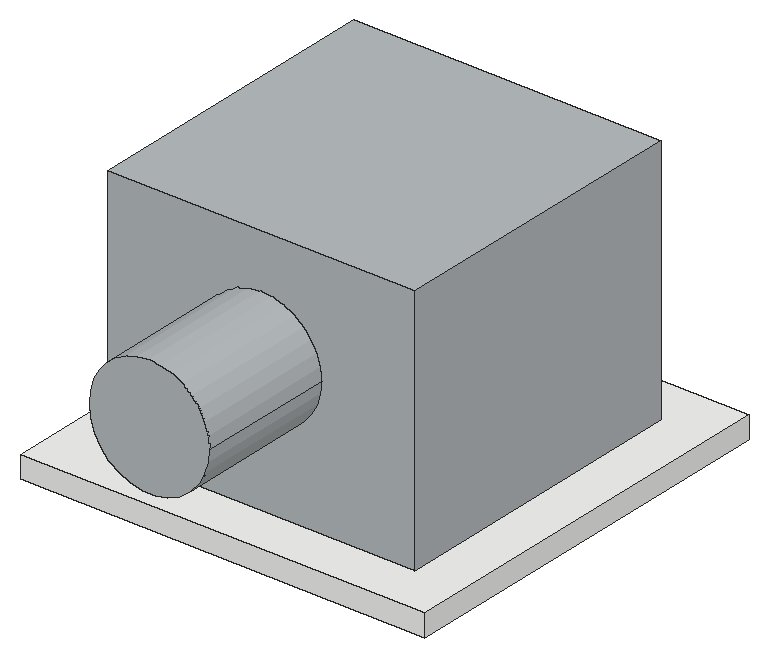
Revit family "vd-10_15z(s)14-bl_50Hz", category 機械設備, Revit 2019
Family settings
  丸型コネクタ寸法 = 直径を使用
  パーツ タイプ = 標準
  OmniClass 番号 = 23.75.35.17.27
  OmniClass タイトル = Centrifugal Fans
  作業面ベース = いいえ
  常に垂直 = はい
  ロード時にボイドで切り取り = いいえ
  共有 = いいえ
  部屋計算ポイント = はい
Parameters (values of type "VD-15Z14-BL")
  騒音レベル(dB(A)) [instance] = 29.5
  風量 [instance] = 180.0 m³/h
  電源種別 [instance] = ""
  電圧 = 100 V
  電動機出力 = 0 W
  電動機_種別 [instance] = ""
  運転質量 = 0.00 kg
  連動 [instance] = ""
  質量 = if(製品質量 > 運転質量, 製品質量, 運転質量) * 1.2  # 4.56 kg
  負荷分類 = 3_ファン類
  説明 = "優良住宅部品(BL部品)認定 ダクト用換気扇<換気ユニット サニタリー用ファン 浴室用Ⅱ型>"
  設計風量 [instance] = 0.0 m³/h
  設置方法 = "天埋"
  記号 [instance] = ""
  製造元 = "三菱電機株式会社"
  製品質量 = 3.80 kg
  製品出荷対象 = "国内"
  製品リリース年月 = "2024年6月3日"
  製品グループ = ""
  系統 [instance] = ""
  符号 [instance] = if(☑給気／□排気, "FS", "FE")  # "FE"
  積算_科目 = "2 換気設備"
  積算_拾い区分 [instance] = ""
  相 = 1
  盤記号 [instance] = ""
  発停方法 [instance] = ""
  特殊仕様 [instance] = ""
  火災停止 [instance] = ""
  消費電力 = 17 W
  法定耐用年数 = "15"
  機外静圧 [instance] = 0.0 Pa
  極数 = 2
  材質 [instance] = ""
  操作・制御方式 = ""
  操作・制御スイッチ = ""
  排気量 [instance] = if(☑給気／□排気, 0.0 m³/h, 設計風量)  # 0.0 m³/h
  形式 = "天井埋込ダクト形"
  幹線記号 [instance] = ""
  対象室 [instance] = ""
  実風量 [instance] = 0.0 m³/h
  始動方式 [instance] = "直入"
  外気量 [instance] = if(☑給気／□排気, 設計風量, 0.0 m³/h)  # 0.0 m³/h
  呼称 = "天井扇"
  周波数 = 50 Hz
  参照している仕様書等のバージョン = ""
  分類コード = "50052503100030"
  分類グループ = ""
  価格 = 38800
  企業コード = "108420"
  付属品_防振装置 = ""
  付属品 [instance] = ""
  仕様書バージョン = "Version1.0"
  モデル = "VD-15Z14-BL"
  マテリアル = 鋼板
  ファンの種類 = ""
  ダクト径 = 100 mm
  コメント [instance] = ""
  Keynote = ""
  カバーマテリアル = 合成樹脂(白)
  ☑給気／□排気 [instance] = no
  Width = 251 mm
  W1 = 330 mm
  Version = ""
  Uniclass2015Version = "Systems v1.9"
  Uniclass2015Title = "Centrifugal fans"
  Uniclass2015Code = "Pr_65_67_29_12"
  URL = "https://www.mitsubishielectric.co.jp/ldg/wink/qr/002/333601/"
  SpecificationReference = ""
  SpecificationDescription = ""
  Revision = ""
  ProductInformation = ""
  OmniClassCode = "23-33 31 19 11 15"
  OAサイズ_D = 0 mm
  MIN風量 = 95.0 m³/h
  MIN静圧 = 0.0 Pa
  MID風量 = 0.0 m³/h
  MID静圧 = 0.0 Pa
  MAX風量 = 180.0 m³/h
  MAX静圧 = 0.0 Pa
  IfcTypeProduct = ""
  IfcProduct = ""
  IfcExportType = "PROPELLORAXIAL"
  IfcExportAs = "IfcFanType"
  Height = 204 mm
  H1 = 18 mm
  EAサイズ_D = 98 mm
  Duct_Height = 111 mm
  Duct_Depth = 114 mm
  Duct_Center = 0 mm
  Depth = 251 mm
  D1 = 330 mm
  Author = "三菱電機株式会社"
Types (2, lengths in mm): name | 騒音レベル(dB(A)) | 風量 | 質量 | 説明 | 製品質量 | 消費電力 | 価格 | モデル | Width | W1 | URL | MIN風量 | MAX風量 | Height | H1 | Duct_Height | Depth | D1
  VD-10ZS14-BL | 28.5 | 125.0 m³/h | 3.12 kg | "優良住宅部品(BL部品)認定 ダクト用換気扇<換気ユニット サニタリー用ファン 浴室用I型>" | 2.60 kg | 13.5 W | 30400 | "VD-10ZS14-BL" | 203 | 286 | "https://www.mitsubishielectric.co.jp/ldg/wink/qr/002/333571/" | 0.0 m³/h | 125.0 m³/h | 189 | 15 | 107 | 203 | 286
  VD-15Z14-BL | 29.5 | 180.0 m³/h | 4.56 kg | "優良住宅部品(BL部品)認定 ダクト用換気扇<換気ユニット サニタリー用ファン 浴室用Ⅱ型>" | 3.80 kg | 17 W | 38800 | "VD-15Z14-BL" | 251 | 330 | "https://www.mitsubishielectric.co.jp/ldg/wink/qr/002/333601/" | 95.0 m³/h | 180.0 m³/h | 204 | 18 | 111 | 251 | 330
Reference planes
  plane 1 "中心(正面/背面)": y = 0
  plane 2: z = 0
  plane 3 "中心(左/右)": x = 0
  plane 4: x = -165
  plane 5: x = 165
  plane 6: y = 165
  plane 7: y = -165
  plane 8: x = -125.5
  plane 9: x = 125.5
  plane 10: y = 125.5
  plane 11: y = -125.5
  plane 12: y = -239.5
  plane 13: z = 204
  plane 14: z = -18
  plane 15: z = 111
  plane 16: x = 0
Forms (mm)
  Extrusion 1, solid, material "鋼板" <- "マテリアル", detail levels fine
    sketch origin (0, 0, 0) x (1, 0, 0) y (0, 1, 0)
      loop
        line (-125.5, 125.5) -> (-125.5, -125.5) -> (125.5, -125.5) -> (125.5, 125.5) -> (-125.5, 125.5)
    from 0 to 204
  Extrusion 2, solid, material "合成樹脂(白)" <- "カバーマテリアル", detail levels fine
    sketch origin (0, 0, 0) x (1, 0, 0) y (0, 1, 0)
      loop
        line (-165, 165) -> (-165, -165) -> (165, -165) -> (165, 165) -> (-165, 165)
    from 0 to -18
  Extrusion 3, solid, material "鋼板" <- "マテリアル", detail levels fine
    sketch origin (0, 0, 0) x (1, 0, 0) y (0, 0, 1)
      loop
        circle (0, 111) r 49
    from 125.5 to 239.5
Dimensions and locks
  equal spacing: plane 4, plane 3 "中心(左/右)", plane 5
  "W1": plane 4 to plane 5
  equal spacing: plane 6, plane 1 "中心(正面/背面)", plane 7
  "D1": plane 6 to plane 7
  equal spacing: plane 8, plane 3 "中心(左/右)", plane 9
  "Width": plane 8 to plane 9
  equal spacing: plane 10, plane 1 "中心(正面/背面)", plane 11
  "Depth": plane 10 to plane 11
  "Duct_Depth": plane 11 to plane 12
  "Height": plane 13 to plane 2
  "Duct_Height": plane 15 to plane 2
  "H1": plane 2 to plane 14
  "Duct_Center": plane 3 "中心(左/右)" to plane 16
  "EAサイズ_D": diameter of Extrusion 3 sketch curve
  aligned and locked: level to plane 2
  aligned and locked: plane 5 to Extrusion 2
  aligned and locked: plane 6 to Extrusion 2
  aligned and locked: Extrusion 2 to plane 4
  aligned and locked: Extrusion 2 to plane 7
  aligned and locked: plane 9 to Extrusion 1
  aligned and locked: Extrusion 1 to plane 11
  aligned and locked: Extrusion 1 to plane 8
  aligned and locked: plane 10 to Extrusion 1
  aligned and locked: plane 13 to Extrusion 1
  aligned and locked: Extrusion 2 to plane 14
  aligned and locked: level to Extrusion 2
  aligned and locked: Extrusion 1 to level
  aligned and locked: Extrusion 3 to plane 12
  aligned and locked: plane 11 to Extrusion 3
Automatic sketch dimensions
  Extrusion 1 sketch curve to plane 3 "中心(左/右)" = 125.5 mm
  plane 3 "中心(左/右)" to Extrusion 1 sketch curve = 125.5 mm
  Extrusion 2 sketch curve to plane 3 "中心(左/右)" = 165 mm
  plane 3 "中心(左/右)" to Extrusion 2 sketch curve = 165 mm
  plane 1 "中心(正面/背面)" to Extrusion 1 sketch curve = 125.5 mm
  Extrusion 1 sketch curve to plane 1 "中心(正面/背面)" = 125.5 mm
  plane 1 "中心(正面/背面)" to Extrusion 2 sketch curve = 165 mm
  Extrusion 2 sketch curve to plane 1 "中心(正面/背面)" = 165 mm
  Extrusion 3 sketch curve to plane 15 = 0 mm
  Extrusion 3 sketch curve to plane 16 = 0 mm
Nested families
  nested 1: "記号_天井換気扇_平面" at (0, 0, 0), type "記号_天井換気扇_平面", detail levels coarse+medium
Connectors
  hvac at (0, -239.5, 111), driven by "ダクト径", driven by "風量", driven by "機外静圧"
    settings: on Extrusion 3, index 1, duct flow 180.0 m³/h, flow factor 0, pres drop 0.0 Pa, loss coef 0, conn angle 0.00°, conn width 304.8 mm, conn height 304.8 mm, conn diameter 100 mm, duct sys type 3, conn prof type 0, flow config 0, flow direction 2, loss method 4, conn ref index -1, conn util no, is conn primary yes, conn desc ""
  electrical at (0, 0, 204), driven by "極数", driven by "負荷分類", driven by "電圧", driven by "消費電力"
    settings: on Extrusion 1, index 2, voltage 100 V, apparent load 17 VA, apparent load phase1 0 VA, apparent load phase2 0 VA, apparent load phase3 0 VA, power factor 1, load classification "3_ファン類", number of poles 2, system type 30, power factor state 1, is connector primary yes, connector utility no, sub classification motor no, connector description ""
Definition of nested family "記号_天井換気扇_平面"
  Reference planes
    plane 1: y = 0
    plane 2: x = 0
  Lines and regions (mm)
    detail lines
      curve 1: line (-2.5, 2.5, 0) -> (2.5, 2.5, 0)
      curve 2: line (-2.5, -2.5, 0) -> (-2.5, 2.5, 0)
      curve 3: line (2.5, -2.5, 0) -> (-2.5, -2.5, 0)
      curve 4: line (2.5, 2.5, 0) -> (2.5, -2.5, 0)
      curve 5: circle (-1.04, -1.04, 0) r 1.46 normal (0, 0, 1)
      curve 6: circle (1.04, 1.04, 0) r 1.46 normal (0, 0, 1)
      curve 7: line (-3.125, 3.125, 0) -> (3.125, 3.125, 0)
      curve 8: line (-3.125, -3.125, 0) -> (-3.125, 3.125, 0)
      curve 9: line (3.125, -3.125, 0) -> (-3.125, -3.125, 0)
      curve 10: line (3.125, 3.125, 0) -> (3.125, -3.125, 0)
      curve 11: circle (1.295, 1.295, 0) r 1.83 normal (0, 0, 1)
      curve 12: circle (-1.295, -1.295, 0) r 1.83 normal (0, 0, 1)
      curve 13: line (-2, 2, 0) -> (2, 2, 0)
      curve 14: line (-2, -2, 0) -> (-2, 2, 0)
      curve 15: line (2, -2, 0) -> (-2, -2, 0)
      curve 16: line (2, 2, 0) -> (2, -2, 0)
      curve 17: circle (0.84, 0.84, 0) r 1.16 normal (0, 0, 1)
      curve 18: circle (-0.84, -0.84, 0) r 1.2 normal (0, 0, 1)
